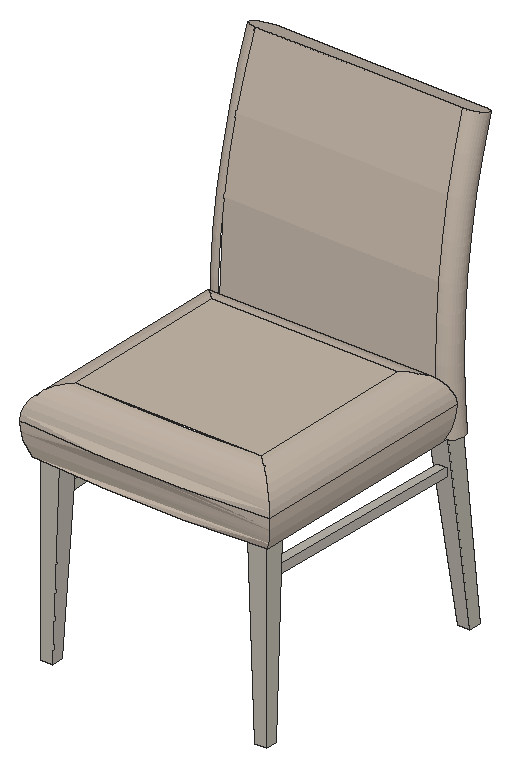
Revit family "Furniture_Chair_PALM BEACH 1.0 NS-S", category Furniture, Revit 2020
Family settings
  OmniClass Number = 23.21.23.15.17
  Work Plane-Based = Yes
  Always vertical = No
  Cut with Voids When Loaded = No
  Shared = No
  Room Calculation Point = No
Parameters (values of type "PALM BEACH 1.0 NS-S")
  Youtube clip = ""
  Uniformat II Description = "Movable Furnishings"
  Uniformat II Code = ""
  Uniclass 2015 Name = ""
  Uniclass 2015 Code = ""
  Uniclass 2.0 Description = ""
  Uniclass 2.0 Code = ""
  Uniclass 1.4 Description = ""
  Uniclass 1.4 Code = ""
  UNSPSC Code = ""
  Technical description = ""
  Shell Material = Fabric - Gravity - Wheat CPC21
  Frame Material = Wood - Beech - 7030 Steingrau Grey
  Region South America = "All"
  Region Oceania = "All"
  Region North America = "All"
  Region Middle East = "All"
  Region Europe = "All"
  Region Asia = "All"
  Region Antarctica = "All"
  Region Africa = "All"
  QR code = "https://www.sandlerseating.com/product/palm-beach-1-0-ns-s/"
  Product url = "https://www.sandlerseating.com/product/palm-beach-1-0-ns-s/"
  Product name = "PALM BEACH 1.0 NS-S"
  Product group = "Chair"
  Product family = "Furniture"
  Product data url = "https://www.sandlerseating.com/product/palm-beach-1-0-ns-s/"
  Product certification = ""
  Product SKU = "??"
  Product Guid = "??"
  OmniClass Description = ""
  OmniClass Code = "23-21 23 15 17"
  NBS Reference Description = ""
  NBS Reference Code = ""
  Model = "PALM BEACH 1.0 NS-S"
  Masterformat 2014 Description = "Chair Mats"
  Masterformat 2014 Code = "12 48 43.13"
  Manufacturer name = "Sandler"
  Manufacturer country = "USA"
  Manufacturer = "Sandler"
  Installation instructions = ""
  IFC Classification = "Furnishing Element"
  GTIN code = ""
  Edition number = 1
  Design country = "Brasil"
  Description = "Chair"
  Default Elevation = 0.000 mm
  Date of publishing = ""
  COBIe Type Category = ""
  Brand url = "https://www.sandlerseating.com/"
  BIMobject main category code = "furniture"
  BIMobject main category = "Furniture"
  BIMobject category code = "furniture-chair"
  BIMobject category = "Chair"
Reference planes
  plane 1 "Center Front/Back": y = 0
  plane 2: z = 0
  plane 3 "Center Left/Right": x = 0
Forms (mm)
  SweptBlend 1, solid, material "Fabric - Gravity - Wheat CPC21" <- "Shell Material"
    path origin (0.021, 12.403, 0) x (0, 1, 0) y (0, 0, 1)
      loop
        arc (318.429, 896.679) -> (247.467, 629.178) -> (238.058, 352.583) r 1230.984
    profile origin (0.021, 330.832, 896.679) x (0, 0.931619, -0.363437) y (1, 0, 0)
      loop
        line (20.402, -204.626) -> (20.402, 207.874)
        arc (20.402, 207.874) -> (-7.098, 235.374) -> (-34.598, 207.874) r 27.5
        line (-34.598, 207.874) -> (-34.598, -204.626)
        arc (-34.598, -204.626) -> (-7.098, -232.126) -> (20.402, -204.626) r 27.5
    end profile origin (0.021, 250.46, 352.583) x (0, 0.996909, 0.078564) y (1, 0, 0)
      loop
        line (25.645, -219.109) -> (25.645, 221.86)
        arc (25.645, 221.86) -> (-0.624, 248.13) -> (-26.894, 221.86) r 26.27
        line (-26.894, 221.86) -> (-26.894, -219.109)
        arc (-26.894, -219.109) -> (-0.624, -245.379) -> (25.645, -219.109) r 26.27
  Extrusion 2, solid, material "Fabric - Gravity - Wheat CPC21" <- "Shell Material"
    sketch origin (0.021, 12.403, 840) x (-1, 0, 0) y (0, -1, 0)
      loop
        line (248.589, -218.746) -> (248.589, 242.183)
        arc (248.589, 242.183) -> (0.023, 254.709) -> (-248.589, 243.132) r 2569.886
        line (-248.589, 243.132) -> (-248.589, -218.746) -> (248.589, -218.746)
    from -479.2 to -350.103
  Sweep 3, void
    path in 3D
      loop
        line (-248.569, -229.781, 489.897) -> (-248.569, 231.149, 489.897) -> (248.61, 231.149, 489.897) -> (248.61, -230.73, 489.897)
        arc (248.61, -230.73, 489.897) -> (-0.002, -242.307, 489.897) -> (-248.569, -229.781, 489.897) r 2569.886
    profile origin (-0.002, -242.307, 489.897) x (-0.001909, -0.999998, 0) y (0, 0, 1)
      loop
        arc (-64.548, 0) -> (-18.906, -18.906) -> (0, -64.548) r 64.548
        arc (0, -64.548) -> (-3.774, -97.671) -> (-14.902, -129.096) r 147.246
        line (-14.902, -129.096) -> (25.452, -129.096) -> (25.452, 0) -> (-64.548, 0)
  Blend 4, solid, material "Wood - Beech - 7030 Steingrau Grey" <- "Frame Material"
    base sketch origin (11.479, 25.171, 840) x (-1, 0, 0) y (0, -1, 0)
      loop
        line (235.546, 195.254) -> (235.546, 234.079) -> (197.379, 234.079) -> (197.379, 195.254) -> (235.546, 195.254)
    top sketch origin (11.479, 25.171, 840) x (-1, 0, 0) y (0, -1, 0)
      loop
        line (212.008, 210.203) -> (235.546, 210.203) -> (235.546, 234.079) -> (212.008, 234.079) -> (212.008, 210.203)
    from -479.2 to -840
  Blend 5, solid, material "Wood - Beech - 7030 Steingrau Grey" <- "Frame Material"
    base sketch origin (-11.438, 25.171, 840) x (1, 0, 0) y (0, 1, 0)
      loop
        line (235.546, -195.254) -> (197.379, -195.254) -> (197.379, -234.079) -> (235.546, -234.079) -> (235.546, -195.254)
    top sketch origin (-11.438, 25.171, 840) x (1, 0, 0) y (0, 1, 0)
      loop
        line (212.008, -210.203) -> (212.008, -234.079) -> (235.546, -234.079) -> (235.546, -210.203) -> (212.008, -210.203)
    from -479.2 to -840
  Blend 6, solid, material "Wood - Beech - 7030 Steingrau Grey" <- "Frame Material"
    base sketch origin (0.021, 12.403, 840) x (-1, 0, 0) y (0, -1, 0)
      loop
        line (197.378, -213.052) -> (197.378, -251.878) -> (235.545, -251.878) -> (235.545, -213.052) -> (197.378, -213.052)
    top sketch origin (0.021, 12.403, 840) x (-1, 0, 0) y (0, -1, 0)
      loop
        line (235.545, -291.791) -> (235.545, -268.262) -> (211.722, -268.262) -> (211.722, -291.791) -> (235.545, -291.791)
    from -478.581 to -840
  Blend 7, solid, material "Wood - Beech - 7030 Steingrau Grey" <- "Frame Material"
    base sketch origin (0.021, 12.403, 840) x (1, 0, 0) y (0, 1, 0)
      loop
        line (197.378, 213.052) -> (235.545, 213.052) -> (235.545, 251.878) -> (197.378, 251.878) -> (197.378, 213.052)
    top sketch origin (0.021, 12.403, 840) x (1, 0, 0) y (0, 1, 0)
      loop
        line (235.545, 291.791) -> (211.722, 291.791) -> (211.722, 268.262) -> (235.545, 268.262) -> (235.545, 291.791)
    from -478.581 to -840
  Extrusion 8, void
    sketch origin (0.021, 12.403, 0) x (0, 1, 0) y (0, 0, 1)
      loop
        line (185.776, 360.8) -> (185.776, 345.8) -> (275.776, 345.8) -> (275.776, 360.8) -> (185.776, 360.8)
    from -259.065 to 259.553
  Blend 9, solid, material "Wood - Beech - 7030 Steingrau Grey" <- "Frame Material"
    base sketch origin (0.021, 12.403, 0) x (1, 0, 0) y (0, 0, 1)
      loop
        line (226.684, 305.778) -> (208.968, 305.778) -> (208.968, 288.541) -> (226.684, 288.541) -> (226.684, 305.778)
    top sketch origin (0.021, 12.403, 0) x (1, 0, 0) y (0, 0, 1)
      loop
        line (215.486, 305.778) -> (197.771, 305.778) -> (197.771, 288.541) -> (215.486, 288.541) -> (215.486, 305.778)
    from -239.717 to 206.017
  Blend 10, solid, material "Wood - Beech - 7030 Steingrau Grey" <- "Frame Material"
    base sketch origin (0.021, 12.403, 0) x (-1, 0, 0) y (0, 0, -1)
      loop
        line (226.684, -305.778) -> (226.684, -288.541) -> (208.968, -288.541) -> (208.968, -305.778) -> (226.684, -305.778)
    top sketch origin (0.021, 12.403, 0) x (-1, 0, 0) y (0, 0, -1)
      loop
        line (215.486, -305.778) -> (215.486, -288.541) -> (197.771, -288.541) -> (197.771, -305.778) -> (215.486, -305.778)
    from -239.717 to 206.017
Cuts and joins
  Sweep 3 cuts Extrusion 2
  Extrusion 8 cuts SweptBlend 1
Lines and regions (mm)
  sketch lines
    curve 1: arc (248.61, -230.73, 489.897) -> (-0.002, -242.307, 489.897) -> (-248.569, -229.781, 489.897) r 2569.886
    curve 2: line (248.61, -230.73, 489.897) -> (248.61, 231.149, 489.897)
    curve 3: line (248.61, 231.149, 489.897) -> (-248.569, 231.149, 489.897)
    curve 4: line (-248.569, 231.149, 489.897) -> (-248.569, -229.781, 489.897)
Dimensions and locks
  aligned and locked: level to plane 2
